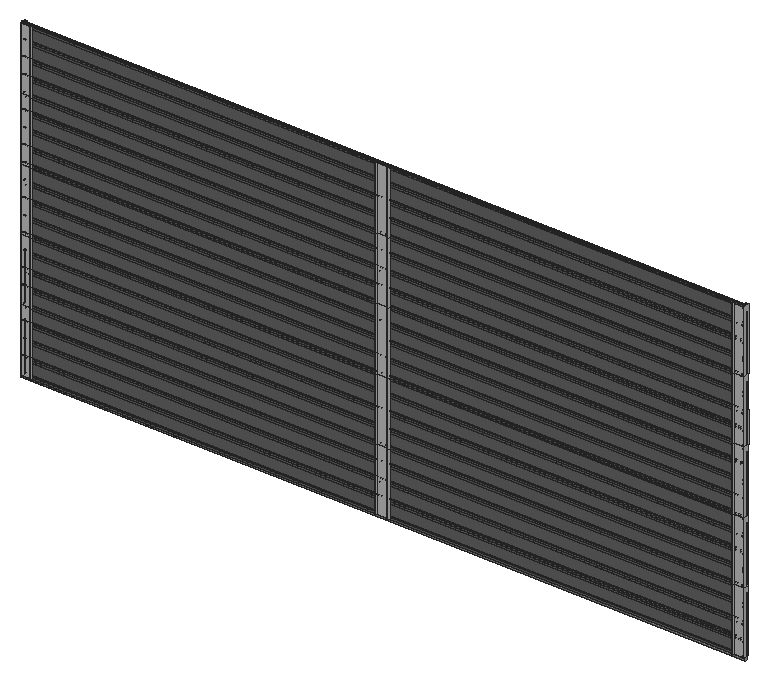
Revit family "GAFD 20H BL", category Doors, host Wall, Revit 2024
Family settings
  Host = Wall
  OmniClass Number = 23.30.10.00
  OmniClass Title = Doors
  Always vertical = Yes
  Cut with Voids When Loaded = No
  Shared = No
  Room Calculation Point = No
Parameters
  Wall Opening [instance] = 4880 mm
  Function = Interior
  Frame Projection Ext. = 25 mm
  Frame Projection Int. = 25 mm
  Frame Width = 75 mm
  Height = 2135 mm
  Wall Closure = By host
  Width = 4880 mm
Reference planes
  plane 1: y = 0
  plane 2 "Center (Left/Right)": x = 0
  plane 3: z = 2135
  plane 4 "Exterior": y = 75
  plane 5 "Interior": y = -75
  plane 6 "Garage Bottom": y = 75
  plane 7 "Garage Left": x = 2470
  plane 8 "Garage Right": x = -2470
  plane 9 "Garage Top": z = 2170
  plane 10: z = 19.954
Forms (mm)
  Extrusion 1, solid, material "STEEL BACK & SIDE PLATES"
    sketch origin (2744.172, 256, 612.954) x (1, 0, 0) y (0, 1, 0)
      loop
        line (-5205.472, -373.2) -> (-5212.972, -373.2) -> (-5212.972, -372) -> (-5211.972, -372)
        arc (-5211.972, -372) -> (-5211.472, -371.5) -> (-5211.972, -371) r 0.5
        line (-5211.972, -371) -> (-5214.172, -371) -> (-5214.172, -406) -> (-5144.955, -406) -> (-5142.812, -414) -> (-5135.811, -414) -> (-5133.363, -404.8) -> (-5134.589, -404.8) -> (-5136.732, -412.8) -> (-5141.891, -412.8) -> (-5144.034, -404.8) -> (-5212.972, -404.8) -> (-5212.972, -374.4) -> (-5200.945, -374.4)
        arc (-5200.945, -374.4) -> (-5200.21, -374.891) -> (-5199.372, -374.607) r 1
        line (-5199.372, -374.607) -> (-5198.819, -374.054)
        arc (-5198.819, -374.054) -> (-5198.71, -373.509) -> (-5199.172, -373.2) r 0.5
        line (-5199.172, -373.2) -> (-5204.272, -373.2) -> (-5204.272, -371) -> (-5206.472, -371)
        arc (-5206.472, -371) -> (-5206.972, -371.5) -> (-5206.472, -372) r 0.5
        line (-5206.472, -372) -> (-5205.472, -372) -> (-5205.472, -373.2)
      loop
        line (-2791.977, -404.804) -> (-2789.506, -414.002) -> (-2782.523, -414.002) -> (-2780.383, -405.996) -> (-2707.961, -405.996) -> (-2705.821, -414.002) -> (-2698.839, -414.002) -> (-2696.367, -404.804) -> (-2697.626, -404.804) -> (-2699.758, -412.802) -> (-2704.9, -412.802) -> (-2707.039, -404.797) -> (-2781.305, -404.797) -> (-2783.444, -412.802) -> (-2788.586, -412.802) -> (-2790.718, -404.804) -> (-2791.977, -404.804)
      loop
        line (-282.872, -373.2) -> (-282.872, -372) -> (-281.872, -372)
        arc (-281.872, -372) -> (-281.372, -371.5) -> (-281.872, -371) r 0.5
        line (-281.872, -371) -> (-284.072, -371) -> (-284.072, -373.2) -> (-289.172, -373.2)
        arc (-289.172, -373.2) -> (-289.634, -373.509) -> (-289.526, -374.054) r 0.5
        line (-289.526, -374.054) -> (-288.972, -374.607)
        arc (-288.972, -374.607) -> (-288.135, -374.891) -> (-287.399, -374.4) r 1
        line (-287.399, -374.4) -> (-275.372, -374.4) -> (-275.372, -404.8) -> (-344.31, -404.8) -> (-346.454, -412.8) -> (-351.612, -412.8) -> (-353.756, -404.8) -> (-354.982, -404.8) -> (-352.533, -414) -> (-345.533, -414) -> (-343.389, -406) -> (-274.172, -406) -> (-274.172, -371) -> (-276.372, -371)
        arc (-276.372, -371) -> (-276.872, -371.5) -> (-276.372, -372) r 0.5
        line (-276.372, -372) -> (-275.372, -372) -> (-275.372, -373.2) -> (-282.872, -373.2)
    from 267.046 to 697.046
  Extrusion 2, solid, material "STEEL BACK & SIDE PLATES"
    sketch origin (2744.172, 256, 182.954) x (1, 0, 0) y (0, 1, 0)
      loop
        line (-5205.472, -373.2) -> (-5212.972, -373.2) -> (-5212.972, -372) -> (-5211.972, -372)
        arc (-5211.972, -372) -> (-5211.472, -371.5) -> (-5211.972, -371) r 0.5
        line (-5211.972, -371) -> (-5214.172, -371) -> (-5214.172, -406) -> (-5144.955, -406) -> (-5142.812, -414) -> (-5135.811, -414) -> (-5133.363, -404.8) -> (-5134.589, -404.8) -> (-5136.732, -412.8) -> (-5141.891, -412.8) -> (-5144.034, -404.8) -> (-5212.972, -404.8) -> (-5212.972, -374.4) -> (-5200.945, -374.4)
        arc (-5200.945, -374.4) -> (-5200.21, -374.891) -> (-5199.372, -374.607) r 1
        line (-5199.372, -374.607) -> (-5198.819, -374.054)
        arc (-5198.819, -374.054) -> (-5198.71, -373.509) -> (-5199.172, -373.2) r 0.5
        line (-5199.172, -373.2) -> (-5204.272, -373.2) -> (-5204.272, -371) -> (-5206.472, -371)
        arc (-5206.472, -371) -> (-5206.972, -371.5) -> (-5206.472, -372) r 0.5
        line (-5206.472, -372) -> (-5205.472, -372) -> (-5205.472, -373.2)
      loop
        line (-2791.977, -404.804) -> (-2789.506, -414.002) -> (-2782.523, -414.002) -> (-2780.383, -405.996) -> (-2707.961, -405.996) -> (-2705.821, -414.002) -> (-2698.839, -414.002) -> (-2696.367, -404.804) -> (-2697.626, -404.804) -> (-2699.758, -412.802) -> (-2704.9, -412.802) -> (-2707.039, -404.797) -> (-2781.305, -404.797) -> (-2783.444, -412.802) -> (-2788.586, -412.802) -> (-2790.718, -404.804) -> (-2791.977, -404.804)
      loop
        line (-282.872, -373.2) -> (-282.872, -372) -> (-281.872, -372)
        arc (-281.872, -372) -> (-281.372, -371.5) -> (-281.872, -371) r 0.5
        line (-281.872, -371) -> (-284.072, -371) -> (-284.072, -373.2) -> (-289.172, -373.2)
        arc (-289.172, -373.2) -> (-289.634, -373.509) -> (-289.526, -374.054) r 0.5
        line (-289.526, -374.054) -> (-288.972, -374.607)
        arc (-288.972, -374.607) -> (-288.135, -374.891) -> (-287.399, -374.4) r 1
        line (-287.399, -374.4) -> (-275.372, -374.4) -> (-275.372, -404.8) -> (-344.31, -404.8) -> (-346.454, -412.8) -> (-351.612, -412.8) -> (-353.756, -404.8) -> (-354.982, -404.8) -> (-352.533, -414) -> (-345.533, -414) -> (-343.389, -406) -> (-274.172, -406) -> (-274.172, -371) -> (-276.372, -371)
        arc (-276.372, -371) -> (-276.872, -371.5) -> (-276.372, -372) r 0.5
        line (-276.372, -372) -> (-275.372, -372) -> (-275.372, -373.2) -> (-282.872, -373.2)
    from 267.046 to 697.046
  Extrusion 3, solid, material "STEEL BACK & SIDE PLATES"
    sketch origin (2744.172, 256, -247.046) x (1, 0, 0) y (0, 1, 0)
      loop
        line (-5205.472, -373.2) -> (-5212.972, -373.2) -> (-5212.972, -372) -> (-5211.972, -372)
        arc (-5211.972, -372) -> (-5211.472, -371.5) -> (-5211.972, -371) r 0.5
        line (-5211.972, -371) -> (-5214.172, -371) -> (-5214.172, -406) -> (-5144.955, -406) -> (-5142.812, -414) -> (-5135.811, -414) -> (-5133.363, -404.8) -> (-5134.589, -404.8) -> (-5136.732, -412.8) -> (-5141.891, -412.8) -> (-5144.034, -404.8) -> (-5212.972, -404.8) -> (-5212.972, -374.4) -> (-5200.945, -374.4)
        arc (-5200.945, -374.4) -> (-5200.21, -374.891) -> (-5199.372, -374.607) r 1
        line (-5199.372, -374.607) -> (-5198.819, -374.054)
        arc (-5198.819, -374.054) -> (-5198.71, -373.509) -> (-5199.172, -373.2) r 0.5
        line (-5199.172, -373.2) -> (-5204.272, -373.2) -> (-5204.272, -371) -> (-5206.472, -371)
        arc (-5206.472, -371) -> (-5206.972, -371.5) -> (-5206.472, -372) r 0.5
        line (-5206.472, -372) -> (-5205.472, -372) -> (-5205.472, -373.2)
      loop
        line (-2791.977, -404.804) -> (-2789.506, -414.002) -> (-2782.523, -414.002) -> (-2780.383, -405.996) -> (-2707.961, -405.996) -> (-2705.821, -414.002) -> (-2698.839, -414.002) -> (-2696.367, -404.804) -> (-2697.626, -404.804) -> (-2699.758, -412.802) -> (-2704.9, -412.802) -> (-2707.039, -404.797) -> (-2781.305, -404.797) -> (-2783.444, -412.802) -> (-2788.586, -412.802) -> (-2790.718, -404.804) -> (-2791.977, -404.804)
      loop
        line (-282.872, -373.2) -> (-282.872, -372) -> (-281.872, -372)
        arc (-281.872, -372) -> (-281.372, -371.5) -> (-281.872, -371) r 0.5
        line (-281.872, -371) -> (-284.072, -371) -> (-284.072, -373.2) -> (-289.172, -373.2)
        arc (-289.172, -373.2) -> (-289.634, -373.509) -> (-289.526, -374.054) r 0.5
        line (-289.526, -374.054) -> (-288.972, -374.607)
        arc (-288.972, -374.607) -> (-288.135, -374.891) -> (-287.399, -374.4) r 1
        line (-287.399, -374.4) -> (-275.372, -374.4) -> (-275.372, -404.8) -> (-344.31, -404.8) -> (-346.454, -412.8) -> (-351.612, -412.8) -> (-353.756, -404.8) -> (-354.982, -404.8) -> (-352.533, -414) -> (-345.533, -414) -> (-343.389, -406) -> (-274.172, -406) -> (-274.172, -371) -> (-276.372, -371)
        arc (-276.372, -371) -> (-276.872, -371.5) -> (-276.372, -372) r 0.5
        line (-276.372, -372) -> (-275.372, -372) -> (-275.372, -373.2) -> (-282.872, -373.2)
    from 267 to 697.046
  Extrusion 4, solid, material "STEEL BACK & SIDE PLATES"
    sketch origin (2744.172, 256, 1042.954) x (1, 0, 0) y (0, 1, 0)
      loop
        line (-5205.472, -373.2) -> (-5212.972, -373.2) -> (-5212.972, -372) -> (-5211.972, -372)
        arc (-5211.972, -372) -> (-5211.472, -371.5) -> (-5211.972, -371) r 0.5
        line (-5211.972, -371) -> (-5214.172, -371) -> (-5214.172, -406) -> (-5144.955, -406) -> (-5142.812, -414) -> (-5135.811, -414) -> (-5133.363, -404.8) -> (-5134.589, -404.8) -> (-5136.732, -412.8) -> (-5141.891, -412.8) -> (-5144.034, -404.8) -> (-5212.972, -404.8) -> (-5212.972, -374.4) -> (-5200.945, -374.4)
        arc (-5200.945, -374.4) -> (-5200.21, -374.891) -> (-5199.372, -374.607) r 1
        line (-5199.372, -374.607) -> (-5198.819, -374.054)
        arc (-5198.819, -374.054) -> (-5198.71, -373.509) -> (-5199.172, -373.2) r 0.5
        line (-5199.172, -373.2) -> (-5204.272, -373.2) -> (-5204.272, -371) -> (-5206.472, -371)
        arc (-5206.472, -371) -> (-5206.972, -371.5) -> (-5206.472, -372) r 0.5
        line (-5206.472, -372) -> (-5205.472, -372) -> (-5205.472, -373.2)
      loop
        line (-2791.977, -404.804) -> (-2789.506, -414.002) -> (-2782.523, -414.002) -> (-2780.383, -405.996) -> (-2707.961, -405.996) -> (-2705.821, -414.002) -> (-2698.839, -414.002) -> (-2696.367, -404.804) -> (-2697.626, -404.804) -> (-2699.758, -412.802) -> (-2704.9, -412.802) -> (-2707.039, -404.797) -> (-2781.305, -404.797) -> (-2783.444, -412.802) -> (-2788.586, -412.802) -> (-2790.718, -404.804) -> (-2791.977, -404.804)
      loop
        line (-282.872, -373.2) -> (-282.872, -372) -> (-281.872, -372)
        arc (-281.872, -372) -> (-281.372, -371.5) -> (-281.872, -371) r 0.5
        line (-281.872, -371) -> (-284.072, -371) -> (-284.072, -373.2) -> (-289.172, -373.2)
        arc (-289.172, -373.2) -> (-289.634, -373.509) -> (-289.526, -374.054) r 0.5
        line (-289.526, -374.054) -> (-288.972, -374.607)
        arc (-288.972, -374.607) -> (-288.135, -374.891) -> (-287.399, -374.4) r 1
        line (-287.399, -374.4) -> (-275.372, -374.4) -> (-275.372, -404.8) -> (-344.31, -404.8) -> (-346.454, -412.8) -> (-351.612, -412.8) -> (-353.756, -404.8) -> (-354.982, -404.8) -> (-352.533, -414) -> (-345.533, -414) -> (-343.389, -406) -> (-274.172, -406) -> (-274.172, -371) -> (-276.372, -371)
        arc (-276.372, -371) -> (-276.872, -371.5) -> (-276.372, -372) r 0.5
        line (-276.372, -372) -> (-275.372, -372) -> (-275.372, -373.2) -> (-282.872, -373.2)
    from 267.046 to 697.046
  Extrusion 5, solid, material "STEEL BACK & SIDE PLATES"
    sketch origin (2744.172, 256, 1472.954) x (1, 0, 0) y (0, 1, 0)
      loop
        line (-5205.472, -373.2) -> (-5212.972, -373.2) -> (-5212.972, -372) -> (-5211.972, -372)
        arc (-5211.972, -372) -> (-5211.472, -371.5) -> (-5211.972, -371) r 0.5
        line (-5211.972, -371) -> (-5214.172, -371) -> (-5214.172, -406) -> (-5144.955, -406) -> (-5142.812, -414) -> (-5135.811, -414) -> (-5133.363, -404.8) -> (-5134.589, -404.8) -> (-5136.732, -412.8) -> (-5141.891, -412.8) -> (-5144.034, -404.8) -> (-5212.972, -404.8) -> (-5212.972, -374.4) -> (-5200.945, -374.4)
        arc (-5200.945, -374.4) -> (-5200.21, -374.891) -> (-5199.372, -374.607) r 1
        line (-5199.372, -374.607) -> (-5198.819, -374.054)
        arc (-5198.819, -374.054) -> (-5198.71, -373.509) -> (-5199.172, -373.2) r 0.5
        line (-5199.172, -373.2) -> (-5204.272, -373.2) -> (-5204.272, -371) -> (-5206.472, -371)
        arc (-5206.472, -371) -> (-5206.972, -371.5) -> (-5206.472, -372) r 0.5
        line (-5206.472, -372) -> (-5205.472, -372) -> (-5205.472, -373.2)
      loop
        line (-2791.977, -404.804) -> (-2789.506, -414.002) -> (-2782.523, -414.002) -> (-2780.383, -405.996) -> (-2707.961, -405.996) -> (-2705.821, -414.002) -> (-2698.839, -414.002) -> (-2696.367, -404.804) -> (-2697.626, -404.804) -> (-2699.758, -412.802) -> (-2704.9, -412.802) -> (-2707.039, -404.797) -> (-2781.305, -404.797) -> (-2783.444, -412.802) -> (-2788.586, -412.802) -> (-2790.718, -404.804) -> (-2791.977, -404.804)
      loop
        line (-282.872, -373.2) -> (-282.872, -372) -> (-281.872, -372)
        arc (-281.872, -372) -> (-281.372, -371.5) -> (-281.872, -371) r 0.5
        line (-281.872, -371) -> (-284.072, -371) -> (-284.072, -373.2) -> (-289.172, -373.2)
        arc (-289.172, -373.2) -> (-289.634, -373.509) -> (-289.526, -374.054) r 0.5
        line (-289.526, -374.054) -> (-288.972, -374.607)
        arc (-288.972, -374.607) -> (-288.135, -374.891) -> (-287.399, -374.4) r 1
        line (-287.399, -374.4) -> (-275.372, -374.4) -> (-275.372, -404.8) -> (-344.31, -404.8) -> (-346.454, -412.8) -> (-351.612, -412.8) -> (-353.756, -404.8) -> (-354.982, -404.8) -> (-352.533, -414) -> (-345.533, -414) -> (-343.389, -406) -> (-274.172, -406) -> (-274.172, -371) -> (-276.372, -371)
        arc (-276.372, -371) -> (-276.872, -371.5) -> (-276.372, -372) r 0.5
        line (-276.372, -372) -> (-275.372, -372) -> (-275.372, -373.2) -> (-282.872, -373.2)
    from 267.046 to 697.046
  Extrusion 6, solid, material "ALUMINIUM BLACK (TEST)"
    sketch origin (0, -44, 2189.863) x (0, -1, 0) y (0, 0, -1)
      loop
        line (82.14, 2169.909) -> (74.797, 2169.909) -> (74.797, 2070.864) -> (78.797, 2069.409) -> (78.797, 2062.409) -> (83.136, 2062.409)
        arc (83.136, 2062.409) -> (83.518, 2062.332) -> (83.843, 2062.116) r 1
        line (83.843, 2062.116) -> (86.55, 2059.409) -> (88.077, 2059.409)
        arc (88.077, 2059.409) -> (88.477, 2059.809) -> (88.077, 2060.209) r 0.4
        line (88.077, 2060.209) -> (87.047, 2060.209) -> (87.047, 2061.409) -> (92.547, 2061.409) -> (92.547, 2060.209) -> (91.517, 2060.209)
        arc (91.517, 2060.209) -> (91.117, 2059.809) -> (91.517, 2059.409) r 0.4
        line (91.517, 2059.409) -> (93.044, 2059.409) -> (95.751, 2062.116)
        arc (95.751, 2062.116) -> (96.077, 2062.333) -> (96.461, 2062.409) r 1
        line (96.461, 2062.409) -> (104.797, 2062.409) -> (104.797, 2074.409) -> (101.397, 2074.409)
        arc (101.397, 2074.409) -> (100.697, 2073.709) -> (101.397, 2073.009) r 0.7
        line (101.397, 2073.009) -> (103.397, 2073.009) -> (103.397, 2063.809) -> (95.464, 2063.809) -> (94.464, 2062.809) -> (85.13, 2062.809) -> (84.13, 2063.809) -> (80.197, 2063.809) -> (80.197, 2070.389) -> (76.197, 2071.845) -> (76.197, 2168.509) -> (81.56, 2168.509) -> (87.06, 2163.009) -> (92.534, 2163.009) -> (98.034, 2168.509) -> (103.397, 2168.509) -> (103.397, 2159.309) -> (101.397, 2159.309)
        arc (101.397, 2159.309) -> (100.697, 2158.609) -> (101.397, 2157.909) r 0.7
        line (101.397, 2157.909) -> (104.797, 2157.909) -> (104.797, 2169.909) -> (97.454, 2169.909) -> (91.954, 2164.409) -> (87.64, 2164.409) -> (82.14, 2169.909)
    from -2468.8 to 2468.8
  Extrusion 7, solid, material "Rubber, Natural"
    sketch origin (0, -32.797, 0.046) x (0, 1, 0) y (0, 0, 1)
      loop
        line (-111, 19.909) -> (-111, 16.909) -> (-106, 16.909) -> (-106, 14.004)
        spline (-106, 14.004) -> (-109.192, 11.809) -> (-110.848, 8.808) -> (-110.659, 5.562) -> (-108.66, 2.681) -> (-105.226, 0.703) -> (-101, 0) -> (-96.774, 0.703) -> (-93.34, 2.681) -> (-91.341, 5.562) -> (-91.152, 8.808) -> (-92.808, 11.809) -> (-96, 14.004)
        line (-96, 14.004) -> (-96, 16.909) -> (-91, 16.909) -> (-91, 19.909) -> (-111, 19.909)
      loop
        line (-98, 16.909) -> (-104, 16.909) -> (-104, 14.633)
        arc (-104, 14.633) -> (-101, 15.009) -> (-98, 14.633) r 12.129
        line (-98, 14.633) -> (-98, 16.909)
      loop
        spline (-101, 1.513) -> (-98.929, 1.717) -> (-97, 2.316) -> (-95.343, 3.268) -> (-94.072, 4.509) -> (-93.273, 5.954) -> (-93, 7.505) -> (-93.273, 9.055) -> (-94.072, 10.501) -> (-95.343, 11.742) -> (-97, 12.694) -> (-98.929, 13.292) -> (-101, 13.496)
        spline (-101, 13.496) -> (-103.071, 13.292) -> (-105, 12.694) -> (-106.657, 11.742) -> (-107.928, 10.501) -> (-108.727, 9.055) -> (-109, 7.505) -> (-108.727, 5.954) -> (-107.928, 4.509) -> (-106.657, 3.268) -> (-105, 2.316) -> (-103.071, 1.717) -> (-101, 1.513)
    from -2470 to 2470
  Extrusion 8, solid, material "ALUMINIUM BLACK (TEST)"
    sketch origin (0, -44, 2297.363) x (0, -1, 0) y (0, 0, -1)
      loop
        line (82.14, 2169.909) -> (74.797, 2169.909) -> (74.797, 2070.864) -> (78.797, 2069.409) -> (78.797, 2062.409) -> (83.136, 2062.409)
        arc (83.136, 2062.409) -> (83.518, 2062.332) -> (83.843, 2062.116) r 1
        line (83.843, 2062.116) -> (86.55, 2059.409) -> (88.077, 2059.409)
        arc (88.077, 2059.409) -> (88.477, 2059.809) -> (88.077, 2060.209) r 0.4
        line (88.077, 2060.209) -> (87.047, 2060.209) -> (87.047, 2061.409) -> (92.547, 2061.409) -> (92.547, 2060.209) -> (91.517, 2060.209)
        arc (91.517, 2060.209) -> (91.117, 2059.809) -> (91.517, 2059.409) r 0.4
        line (91.517, 2059.409) -> (93.044, 2059.409) -> (95.751, 2062.116)
        arc (95.751, 2062.116) -> (96.077, 2062.333) -> (96.461, 2062.409) r 1
        line (96.461, 2062.409) -> (104.797, 2062.409) -> (104.797, 2074.409) -> (101.397, 2074.409)
        arc (101.397, 2074.409) -> (100.697, 2073.709) -> (101.397, 2073.009) r 0.7
        line (101.397, 2073.009) -> (103.397, 2073.009) -> (103.397, 2063.809) -> (95.464, 2063.809) -> (94.464, 2062.809) -> (85.13, 2062.809) -> (84.13, 2063.809) -> (80.197, 2063.809) -> (80.197, 2070.389) -> (76.197, 2071.845) -> (76.197, 2168.509) -> (81.56, 2168.509) -> (87.06, 2163.009) -> (92.534, 2163.009) -> (98.034, 2168.509) -> (103.397, 2168.509) -> (103.397, 2159.309) -> (101.397, 2159.309)
        arc (101.397, 2159.309) -> (100.697, 2158.609) -> (101.397, 2157.909) r 0.7
        line (101.397, 2157.909) -> (104.797, 2157.909) -> (104.797, 2169.909) -> (97.454, 2169.909) -> (91.954, 2164.409) -> (87.64, 2164.409) -> (82.14, 2169.909)
    from -2468.8 to 2468.8
  Extrusion 9, solid, material "ALUMINIUM BLACK (TEST)"
    sketch origin (0, -44, 2404.863) x (0, -1, 0) y (0, 0, -1)
      loop
        line (82.14, 2169.909) -> (74.797, 2169.909) -> (74.797, 2070.864) -> (78.797, 2069.409) -> (78.797, 2062.409) -> (83.136, 2062.409)
        arc (83.136, 2062.409) -> (83.518, 2062.332) -> (83.843, 2062.116) r 1
        line (83.843, 2062.116) -> (86.55, 2059.409) -> (88.077, 2059.409)
        arc (88.077, 2059.409) -> (88.477, 2059.809) -> (88.077, 2060.209) r 0.4
        line (88.077, 2060.209) -> (87.047, 2060.209) -> (87.047, 2061.409) -> (92.547, 2061.409) -> (92.547, 2060.209) -> (91.517, 2060.209)
        arc (91.517, 2060.209) -> (91.117, 2059.809) -> (91.517, 2059.409) r 0.4
        line (91.517, 2059.409) -> (93.044, 2059.409) -> (95.751, 2062.116)
        arc (95.751, 2062.116) -> (96.077, 2062.333) -> (96.461, 2062.409) r 1
        line (96.461, 2062.409) -> (104.797, 2062.409) -> (104.797, 2074.409) -> (101.397, 2074.409)
        arc (101.397, 2074.409) -> (100.697, 2073.709) -> (101.397, 2073.009) r 0.7
        line (101.397, 2073.009) -> (103.397, 2073.009) -> (103.397, 2063.809) -> (95.464, 2063.809) -> (94.464, 2062.809) -> (85.13, 2062.809) -> (84.13, 2063.809) -> (80.197, 2063.809) -> (80.197, 2070.389) -> (76.197, 2071.845) -> (76.197, 2168.509) -> (81.56, 2168.509) -> (87.06, 2163.009) -> (92.534, 2163.009) -> (98.034, 2168.509) -> (103.397, 2168.509) -> (103.397, 2159.309) -> (101.397, 2159.309)
        arc (101.397, 2159.309) -> (100.697, 2158.609) -> (101.397, 2157.909) r 0.7
        line (101.397, 2157.909) -> (104.797, 2157.909) -> (104.797, 2169.909) -> (97.454, 2169.909) -> (91.954, 2164.409) -> (87.64, 2164.409) -> (82.14, 2169.909)
    from -2468.8 to 2468.8
  Extrusion 10, solid, material "ALUMINIUM BLACK (TEST)"
    sketch origin (0, -44, 2512.363) x (0, -1, 0) y (0, 0, -1)
      loop
        line (82.14, 2169.909) -> (74.797, 2169.909) -> (74.797, 2070.864) -> (78.797, 2069.409) -> (78.797, 2062.409) -> (83.136, 2062.409)
        arc (83.136, 2062.409) -> (83.518, 2062.332) -> (83.843, 2062.116) r 1
        line (83.843, 2062.116) -> (86.55, 2059.409) -> (88.077, 2059.409)
        arc (88.077, 2059.409) -> (88.477, 2059.809) -> (88.077, 2060.209) r 0.4
        line (88.077, 2060.209) -> (87.047, 2060.209) -> (87.047, 2061.409) -> (92.547, 2061.409) -> (92.547, 2060.209) -> (91.517, 2060.209)
        arc (91.517, 2060.209) -> (91.117, 2059.809) -> (91.517, 2059.409) r 0.4
        line (91.517, 2059.409) -> (93.044, 2059.409) -> (95.751, 2062.116)
        arc (95.751, 2062.116) -> (96.077, 2062.333) -> (96.461, 2062.409) r 1
        line (96.461, 2062.409) -> (104.797, 2062.409) -> (104.797, 2074.409) -> (101.397, 2074.409)
        arc (101.397, 2074.409) -> (100.697, 2073.709) -> (101.397, 2073.009) r 0.7
        line (101.397, 2073.009) -> (103.397, 2073.009) -> (103.397, 2063.809) -> (95.464, 2063.809) -> (94.464, 2062.809) -> (85.13, 2062.809) -> (84.13, 2063.809) -> (80.197, 2063.809) -> (80.197, 2070.389) -> (76.197, 2071.845) -> (76.197, 2168.509) -> (81.56, 2168.509) -> (87.06, 2163.009) -> (92.534, 2163.009) -> (98.034, 2168.509) -> (103.397, 2168.509) -> (103.397, 2159.309) -> (101.397, 2159.309)
        arc (101.397, 2159.309) -> (100.697, 2158.609) -> (101.397, 2157.909) r 0.7
        line (101.397, 2157.909) -> (104.797, 2157.909) -> (104.797, 2169.909) -> (97.454, 2169.909) -> (91.954, 2164.409) -> (87.64, 2164.409) -> (82.14, 2169.909)
    from -2468.8 to 2468.8
  Extrusion 11, solid, material "ALUMINIUM BLACK (TEST)"
    sketch origin (0, -44, 2619.909) x (0, -1, 0) y (0, 0, -1)
      loop
        line (82.14, 2169.909) -> (74.797, 2169.909) -> (74.797, 2070.864) -> (78.797, 2069.409) -> (78.797, 2062.409) -> (83.136, 2062.409)
        arc (83.136, 2062.409) -> (83.518, 2062.332) -> (83.843, 2062.116) r 1
        line (83.843, 2062.116) -> (86.55, 2059.409) -> (88.077, 2059.409)
        arc (88.077, 2059.409) -> (88.477, 2059.809) -> (88.077, 2060.209) r 0.4
        line (88.077, 2060.209) -> (87.047, 2060.209) -> (87.047, 2061.409) -> (92.547, 2061.409) -> (92.547, 2060.209) -> (91.517, 2060.209)
        arc (91.517, 2060.209) -> (91.117, 2059.809) -> (91.517, 2059.409) r 0.4
        line (91.517, 2059.409) -> (93.044, 2059.409) -> (95.751, 2062.116)
        arc (95.751, 2062.116) -> (96.077, 2062.333) -> (96.461, 2062.409) r 1
        line (96.461, 2062.409) -> (104.797, 2062.409) -> (104.797, 2074.409) -> (101.397, 2074.409)
        arc (101.397, 2074.409) -> (100.697, 2073.709) -> (101.397, 2073.009) r 0.7
        line (101.397, 2073.009) -> (103.397, 2073.009) -> (103.397, 2063.809) -> (95.464, 2063.809) -> (94.464, 2062.809) -> (85.13, 2062.809) -> (84.13, 2063.809) -> (80.197, 2063.809) -> (80.197, 2070.389) -> (76.197, 2071.845) -> (76.197, 2168.509) -> (81.56, 2168.509) -> (87.06, 2163.009) -> (92.534, 2163.009) -> (98.034, 2168.509) -> (103.397, 2168.509) -> (103.397, 2159.309) -> (101.397, 2159.309)
        arc (101.397, 2159.309) -> (100.697, 2158.609) -> (101.397, 2157.909) r 0.7
        line (101.397, 2157.909) -> (104.797, 2157.909) -> (104.797, 2169.909) -> (97.454, 2169.909) -> (91.954, 2164.409) -> (87.64, 2164.409) -> (82.14, 2169.909)
    from -2468.8 to 2468.8
  Extrusion 12, solid, material "ALUMINIUM BLACK (TEST)"
    sketch origin (0, -44, 2727.409) x (0, -1, 0) y (0, 0, -1)
      loop
        line (82.14, 2169.909) -> (74.797, 2169.909) -> (74.797, 2070.864) -> (78.797, 2069.409) -> (78.797, 2062.409) -> (83.136, 2062.409)
        arc (83.136, 2062.409) -> (83.518, 2062.332) -> (83.843, 2062.116) r 1
        line (83.843, 2062.116) -> (86.55, 2059.409) -> (88.077, 2059.409)
        arc (88.077, 2059.409) -> (88.477, 2059.809) -> (88.077, 2060.209) r 0.4
        line (88.077, 2060.209) -> (87.047, 2060.209) -> (87.047, 2061.409) -> (92.547, 2061.409) -> (92.547, 2060.209) -> (91.517, 2060.209)
        arc (91.517, 2060.209) -> (91.117, 2059.809) -> (91.517, 2059.409) r 0.4
        line (91.517, 2059.409) -> (93.044, 2059.409) -> (95.751, 2062.116)
        arc (95.751, 2062.116) -> (96.077, 2062.333) -> (96.461, 2062.409) r 1
        line (96.461, 2062.409) -> (104.797, 2062.409) -> (104.797, 2074.409) -> (101.397, 2074.409)
        arc (101.397, 2074.409) -> (100.697, 2073.709) -> (101.397, 2073.009) r 0.7
        line (101.397, 2073.009) -> (103.397, 2073.009) -> (103.397, 2063.809) -> (95.464, 2063.809) -> (94.464, 2062.809) -> (85.13, 2062.809) -> (84.13, 2063.809) -> (80.197, 2063.809) -> (80.197, 2070.389) -> (76.197, 2071.845) -> (76.197, 2168.509) -> (81.56, 2168.509) -> (87.06, 2163.009) -> (92.534, 2163.009) -> (98.034, 2168.509) -> (103.397, 2168.509) -> (103.397, 2159.309) -> (101.397, 2159.309)
        arc (101.397, 2159.309) -> (100.697, 2158.609) -> (101.397, 2157.909) r 0.7
        line (101.397, 2157.909) -> (104.797, 2157.909) -> (104.797, 2169.909) -> (97.454, 2169.909) -> (91.954, 2164.409) -> (87.64, 2164.409) -> (82.14, 2169.909)
    from -2468.8 to 2468.8
  Extrusion 13, solid, material "ALUMINIUM BLACK (TEST)"
    sketch origin (0, -44, 2834.909) x (0, -1, 0) y (0, 0, -1)
      loop
        line (82.14, 2169.909) -> (74.797, 2169.909) -> (74.797, 2070.864) -> (78.797, 2069.409) -> (78.797, 2062.409) -> (83.136, 2062.409)
        arc (83.136, 2062.409) -> (83.518, 2062.332) -> (83.843, 2062.116) r 1
        line (83.843, 2062.116) -> (86.55, 2059.409) -> (88.077, 2059.409)
        arc (88.077, 2059.409) -> (88.477, 2059.809) -> (88.077, 2060.209) r 0.4
        line (88.077, 2060.209) -> (87.047, 2060.209) -> (87.047, 2061.409) -> (92.547, 2061.409) -> (92.547, 2060.209) -> (91.517, 2060.209)
        arc (91.517, 2060.209) -> (91.117, 2059.809) -> (91.517, 2059.409) r 0.4
        line (91.517, 2059.409) -> (93.044, 2059.409) -> (95.751, 2062.116)
        arc (95.751, 2062.116) -> (96.077, 2062.333) -> (96.461, 2062.409) r 1
        line (96.461, 2062.409) -> (104.797, 2062.409) -> (104.797, 2074.409) -> (101.397, 2074.409)
        arc (101.397, 2074.409) -> (100.697, 2073.709) -> (101.397, 2073.009) r 0.7
        line (101.397, 2073.009) -> (103.397, 2073.009) -> (103.397, 2063.809) -> (95.464, 2063.809) -> (94.464, 2062.809) -> (85.13, 2062.809) -> (84.13, 2063.809) -> (80.197, 2063.809) -> (80.197, 2070.389) -> (76.197, 2071.845) -> (76.197, 2168.509) -> (81.56, 2168.509) -> (87.06, 2163.009) -> (92.534, 2163.009) -> (98.034, 2168.509) -> (103.397, 2168.509) -> (103.397, 2159.309) -> (101.397, 2159.309)
        arc (101.397, 2159.309) -> (100.697, 2158.609) -> (101.397, 2157.909) r 0.7
        line (101.397, 2157.909) -> (104.797, 2157.909) -> (104.797, 2169.909) -> (97.454, 2169.909) -> (91.954, 2164.409) -> (87.64, 2164.409) -> (82.14, 2169.909)
    from -2468.8 to 2468.8
  Extrusion 14, solid, material "ALUMINIUM BLACK (TEST)"
    sketch origin (0, -44, 2942.409) x (0, -1, 0) y (0, 0, -1)
      loop
        line (82.14, 2169.909) -> (74.797, 2169.909) -> (74.797, 2070.864) -> (78.797, 2069.409) -> (78.797, 2062.409) -> (83.136, 2062.409)
        arc (83.136, 2062.409) -> (83.518, 2062.332) -> (83.843, 2062.116) r 1
        line (83.843, 2062.116) -> (86.55, 2059.409) -> (88.077, 2059.409)
        arc (88.077, 2059.409) -> (88.477, 2059.809) -> (88.077, 2060.209) r 0.4
        line (88.077, 2060.209) -> (87.047, 2060.209) -> (87.047, 2061.409) -> (92.547, 2061.409) -> (92.547, 2060.209) -> (91.517, 2060.209)
        arc (91.517, 2060.209) -> (91.117, 2059.809) -> (91.517, 2059.409) r 0.4
        line (91.517, 2059.409) -> (93.044, 2059.409) -> (95.751, 2062.116)
        arc (95.751, 2062.116) -> (96.077, 2062.333) -> (96.461, 2062.409) r 1
        line (96.461, 2062.409) -> (104.797, 2062.409) -> (104.797, 2074.409) -> (101.397, 2074.409)
        arc (101.397, 2074.409) -> (100.697, 2073.709) -> (101.397, 2073.009) r 0.7
        line (101.397, 2073.009) -> (103.397, 2073.009) -> (103.397, 2063.809) -> (95.464, 2063.809) -> (94.464, 2062.809) -> (85.13, 2062.809) -> (84.13, 2063.809) -> (80.197, 2063.809) -> (80.197, 2070.389) -> (76.197, 2071.845) -> (76.197, 2168.509) -> (81.56, 2168.509) -> (87.06, 2163.009) -> (92.534, 2163.009) -> (98.034, 2168.509) -> (103.397, 2168.509) -> (103.397, 2159.309) -> (101.397, 2159.309)
        arc (101.397, 2159.309) -> (100.697, 2158.609) -> (101.397, 2157.909) r 0.7
        line (101.397, 2157.909) -> (104.797, 2157.909) -> (104.797, 2169.909) -> (97.454, 2169.909) -> (91.954, 2164.409) -> (87.64, 2164.409) -> (82.14, 2169.909)
    from -2468.8 to 2468.8
  Extrusion 15, solid, material "ALUMINIUM BLACK (TEST)"
    sketch origin (0, -44, 3049.909) x (0, -1, 0) y (0, 0, -1)
      loop
        line (82.14, 2169.909) -> (74.797, 2169.909) -> (74.797, 2070.864) -> (78.797, 2069.409) -> (78.797, 2062.409) -> (83.136, 2062.409)
        arc (83.136, 2062.409) -> (83.518, 2062.332) -> (83.843, 2062.116) r 1
        line (83.843, 2062.116) -> (86.55, 2059.409) -> (88.077, 2059.409)
        arc (88.077, 2059.409) -> (88.477, 2059.809) -> (88.077, 2060.209) r 0.4
        line (88.077, 2060.209) -> (87.047, 2060.209) -> (87.047, 2061.409) -> (92.547, 2061.409) -> (92.547, 2060.209) -> (91.517, 2060.209)
        arc (91.517, 2060.209) -> (91.117, 2059.809) -> (91.517, 2059.409) r 0.4
        line (91.517, 2059.409) -> (93.044, 2059.409) -> (95.751, 2062.116)
        arc (95.751, 2062.116) -> (96.077, 2062.333) -> (96.461, 2062.409) r 1
        line (96.461, 2062.409) -> (104.797, 2062.409) -> (104.797, 2074.409) -> (101.397, 2074.409)
        arc (101.397, 2074.409) -> (100.697, 2073.709) -> (101.397, 2073.009) r 0.7
        line (101.397, 2073.009) -> (103.397, 2073.009) -> (103.397, 2063.809) -> (95.464, 2063.809) -> (94.464, 2062.809) -> (85.13, 2062.809) -> (84.13, 2063.809) -> (80.197, 2063.809) -> (80.197, 2070.389) -> (76.197, 2071.845) -> (76.197, 2168.509) -> (81.56, 2168.509) -> (87.06, 2163.009) -> (92.534, 2163.009) -> (98.034, 2168.509) -> (103.397, 2168.509) -> (103.397, 2159.309) -> (101.397, 2159.309)
        arc (101.397, 2159.309) -> (100.697, 2158.609) -> (101.397, 2157.909) r 0.7
        line (101.397, 2157.909) -> (104.797, 2157.909) -> (104.797, 2169.909) -> (97.454, 2169.909) -> (91.954, 2164.409) -> (87.64, 2164.409) -> (82.14, 2169.909)
    from -2468.8 to 2468.8
  Extrusion 16, solid, material "ALUMINIUM BLACK (TEST)"
    sketch origin (0, -44, 3157.409) x (0, -1, 0) y (0, 0, -1)
      loop
        line (82.14, 2169.909) -> (74.797, 2169.909) -> (74.797, 2070.864) -> (78.797, 2069.409) -> (78.797, 2062.409) -> (83.136, 2062.409)
        arc (83.136, 2062.409) -> (83.518, 2062.332) -> (83.843, 2062.116) r 1
        line (83.843, 2062.116) -> (86.55, 2059.409) -> (88.077, 2059.409)
        arc (88.077, 2059.409) -> (88.477, 2059.809) -> (88.077, 2060.209) r 0.4
        line (88.077, 2060.209) -> (87.047, 2060.209) -> (87.047, 2061.409) -> (92.547, 2061.409) -> (92.547, 2060.209) -> (91.517, 2060.209)
        arc (91.517, 2060.209) -> (91.117, 2059.809) -> (91.517, 2059.409) r 0.4
        line (91.517, 2059.409) -> (93.044, 2059.409) -> (95.751, 2062.116)
        arc (95.751, 2062.116) -> (96.077, 2062.333) -> (96.461, 2062.409) r 1
        line (96.461, 2062.409) -> (104.797, 2062.409) -> (104.797, 2074.409) -> (101.397, 2074.409)
        arc (101.397, 2074.409) -> (100.697, 2073.709) -> (101.397, 2073.009) r 0.7
        line (101.397, 2073.009) -> (103.397, 2073.009) -> (103.397, 2063.809) -> (95.464, 2063.809) -> (94.464, 2062.809) -> (85.13, 2062.809) -> (84.13, 2063.809) -> (80.197, 2063.809) -> (80.197, 2070.389) -> (76.197, 2071.845) -> (76.197, 2168.509) -> (81.56, 2168.509) -> (87.06, 2163.009) -> (92.534, 2163.009) -> (98.034, 2168.509) -> (103.397, 2168.509) -> (103.397, 2159.309) -> (101.397, 2159.309)
        arc (101.397, 2159.309) -> (100.697, 2158.609) -> (101.397, 2157.909) r 0.7
        line (101.397, 2157.909) -> (104.797, 2157.909) -> (104.797, 2169.909) -> (97.454, 2169.909) -> (91.954, 2164.409) -> (87.64, 2164.409) -> (82.14, 2169.909)
    from -2468.8 to 2468.8
  Extrusion 17, solid, material "ALUMINIUM BLACK (TEST)"
    sketch origin (0, -44, 3264.909) x (0, -1, 0) y (0, 0, -1)
      loop
        line (82.14, 2169.909) -> (74.797, 2169.909) -> (74.797, 2070.864) -> (78.797, 2069.409) -> (78.797, 2062.409) -> (83.136, 2062.409)
        arc (83.136, 2062.409) -> (83.518, 2062.332) -> (83.843, 2062.116) r 1
        line (83.843, 2062.116) -> (86.55, 2059.409) -> (88.077, 2059.409)
        arc (88.077, 2059.409) -> (88.477, 2059.809) -> (88.077, 2060.209) r 0.4
        line (88.077, 2060.209) -> (87.047, 2060.209) -> (87.047, 2061.409) -> (92.547, 2061.409) -> (92.547, 2060.209) -> (91.517, 2060.209)
        arc (91.517, 2060.209) -> (91.117, 2059.809) -> (91.517, 2059.409) r 0.4
        line (91.517, 2059.409) -> (93.044, 2059.409) -> (95.751, 2062.116)
        arc (95.751, 2062.116) -> (96.077, 2062.333) -> (96.461, 2062.409) r 1
        line (96.461, 2062.409) -> (104.797, 2062.409) -> (104.797, 2074.409) -> (101.397, 2074.409)
        arc (101.397, 2074.409) -> (100.697, 2073.709) -> (101.397, 2073.009) r 0.7
        line (101.397, 2073.009) -> (103.397, 2073.009) -> (103.397, 2063.809) -> (95.464, 2063.809) -> (94.464, 2062.809) -> (85.13, 2062.809) -> (84.13, 2063.809) -> (80.197, 2063.809) -> (80.197, 2070.389) -> (76.197, 2071.845) -> (76.197, 2168.509) -> (81.56, 2168.509) -> (87.06, 2163.009) -> (92.534, 2163.009) -> (98.034, 2168.509) -> (103.397, 2168.509) -> (103.397, 2159.309) -> (101.397, 2159.309)
        arc (101.397, 2159.309) -> (100.697, 2158.609) -> (101.397, 2157.909) r 0.7
        line (101.397, 2157.909) -> (104.797, 2157.909) -> (104.797, 2169.909) -> (97.454, 2169.909) -> (91.954, 2164.409) -> (87.64, 2164.409) -> (82.14, 2169.909)
    from -2468.8 to 2468.8
  Extrusion 18, solid, material "ALUMINIUM BLACK (TEST)"
    sketch origin (0, -44, 3372.409) x (0, -1, 0) y (0, 0, -1)
      loop
        line (82.14, 2169.909) -> (74.797, 2169.909) -> (74.797, 2070.864) -> (78.797, 2069.409) -> (78.797, 2062.409) -> (83.136, 2062.409)
        arc (83.136, 2062.409) -> (83.518, 2062.332) -> (83.843, 2062.116) r 1
        line (83.843, 2062.116) -> (86.55, 2059.409) -> (88.077, 2059.409)
        arc (88.077, 2059.409) -> (88.477, 2059.809) -> (88.077, 2060.209) r 0.4
        line (88.077, 2060.209) -> (87.047, 2060.209) -> (87.047, 2061.409) -> (92.547, 2061.409) -> (92.547, 2060.209) -> (91.517, 2060.209)
        arc (91.517, 2060.209) -> (91.117, 2059.809) -> (91.517, 2059.409) r 0.4
        line (91.517, 2059.409) -> (93.044, 2059.409) -> (95.751, 2062.116)
        arc (95.751, 2062.116) -> (96.077, 2062.333) -> (96.461, 2062.409) r 1
        line (96.461, 2062.409) -> (104.797, 2062.409) -> (104.797, 2074.409) -> (101.397, 2074.409)
        arc (101.397, 2074.409) -> (100.697, 2073.709) -> (101.397, 2073.009) r 0.7
        line (101.397, 2073.009) -> (103.397, 2073.009) -> (103.397, 2063.809) -> (95.464, 2063.809) -> (94.464, 2062.809) -> (85.13, 2062.809) -> (84.13, 2063.809) -> (80.197, 2063.809) -> (80.197, 2070.389) -> (76.197, 2071.845) -> (76.197, 2168.509) -> (81.56, 2168.509) -> (87.06, 2163.009) -> (92.534, 2163.009) -> (98.034, 2168.509) -> (103.397, 2168.509) -> (103.397, 2159.309) -> (101.397, 2159.309)
        arc (101.397, 2159.309) -> (100.697, 2158.609) -> (101.397, 2157.909) r 0.7
        line (101.397, 2157.909) -> (104.797, 2157.909) -> (104.797, 2169.909) -> (97.454, 2169.909) -> (91.954, 2164.409) -> (87.64, 2164.409) -> (82.14, 2169.909)
    from -2468.8 to 2468.8
  Extrusion 19, solid, material "ALUMINIUM BLACK (TEST)"
    sketch origin (0, -44, 3479.909) x (0, -1, 0) y (0, 0, -1)
      loop
        line (82.14, 2169.909) -> (74.797, 2169.909) -> (74.797, 2070.864) -> (78.797, 2069.409) -> (78.797, 2062.409) -> (83.136, 2062.409)
        arc (83.136, 2062.409) -> (83.518, 2062.332) -> (83.843, 2062.116) r 1
        line (83.843, 2062.116) -> (86.55, 2059.409) -> (88.077, 2059.409)
        arc (88.077, 2059.409) -> (88.477, 2059.809) -> (88.077, 2060.209) r 0.4
        line (88.077, 2060.209) -> (87.047, 2060.209) -> (87.047, 2061.409) -> (92.547, 2061.409) -> (92.547, 2060.209) -> (91.517, 2060.209)
        arc (91.517, 2060.209) -> (91.117, 2059.809) -> (91.517, 2059.409) r 0.4
        line (91.517, 2059.409) -> (93.044, 2059.409) -> (95.751, 2062.116)
        arc (95.751, 2062.116) -> (96.077, 2062.333) -> (96.461, 2062.409) r 1
        line (96.461, 2062.409) -> (104.797, 2062.409) -> (104.797, 2074.409) -> (101.397, 2074.409)
        arc (101.397, 2074.409) -> (100.697, 2073.709) -> (101.397, 2073.009) r 0.7
        line (101.397, 2073.009) -> (103.397, 2073.009) -> (103.397, 2063.809) -> (95.464, 2063.809) -> (94.464, 2062.809) -> (85.13, 2062.809) -> (84.13, 2063.809) -> (80.197, 2063.809) -> (80.197, 2070.389) -> (76.197, 2071.845) -> (76.197, 2168.509) -> (81.56, 2168.509) -> (87.06, 2163.009) -> (92.534, 2163.009) -> (98.034, 2168.509) -> (103.397, 2168.509) -> (103.397, 2159.309) -> (101.397, 2159.309)
        arc (101.397, 2159.309) -> (100.697, 2158.609) -> (101.397, 2157.909) r 0.7
        line (101.397, 2157.909) -> (104.797, 2157.909) -> (104.797, 2169.909) -> (97.454, 2169.909) -> (91.954, 2164.409) -> (87.64, 2164.409) -> (82.14, 2169.909)
    from -2468.8 to 2468.8
  Extrusion 20, solid, material "ALUMINIUM BLACK (TEST)"
    sketch origin (0, -44, 3587.409) x (0, -1, 0) y (0, 0, -1)
      loop
        line (82.14, 2169.909) -> (74.797, 2169.909) -> (74.797, 2070.864) -> (78.797, 2069.409) -> (78.797, 2062.409) -> (83.136, 2062.409)
        arc (83.136, 2062.409) -> (83.518, 2062.332) -> (83.843, 2062.116) r 1
        line (83.843, 2062.116) -> (86.55, 2059.409) -> (88.077, 2059.409)
        arc (88.077, 2059.409) -> (88.477, 2059.809) -> (88.077, 2060.209) r 0.4
        line (88.077, 2060.209) -> (87.047, 2060.209) -> (87.047, 2061.409) -> (92.547, 2061.409) -> (92.547, 2060.209) -> (91.517, 2060.209)
        arc (91.517, 2060.209) -> (91.117, 2059.809) -> (91.517, 2059.409) r 0.4
        line (91.517, 2059.409) -> (93.044, 2059.409) -> (95.751, 2062.116)
        arc (95.751, 2062.116) -> (96.077, 2062.333) -> (96.461, 2062.409) r 1
        line (96.461, 2062.409) -> (104.797, 2062.409) -> (104.797, 2074.409) -> (101.397, 2074.409)
        arc (101.397, 2074.409) -> (100.697, 2073.709) -> (101.397, 2073.009) r 0.7
        line (101.397, 2073.009) -> (103.397, 2073.009) -> (103.397, 2063.809) -> (95.464, 2063.809) -> (94.464, 2062.809) -> (85.13, 2062.809) -> (84.13, 2063.809) -> (80.197, 2063.809) -> (80.197, 2070.389) -> (76.197, 2071.845) -> (76.197, 2168.509) -> (81.56, 2168.509) -> (87.06, 2163.009) -> (92.534, 2163.009) -> (98.034, 2168.509) -> (103.397, 2168.509) -> (103.397, 2159.309) -> (101.397, 2159.309)
        arc (101.397, 2159.309) -> (100.697, 2158.609) -> (101.397, 2157.909) r 0.7
        line (101.397, 2157.909) -> (104.797, 2157.909) -> (104.797, 2169.909) -> (97.454, 2169.909) -> (91.954, 2164.409) -> (87.64, 2164.409) -> (82.14, 2169.909)
    from -2468.8 to 2468.8
  Extrusion 21, solid, material "ALUMINIUM BLACK (TEST)"
    sketch origin (0, -44, 3694.909) x (0, -1, 0) y (0, 0, -1)
      loop
        line (82.14, 2169.909) -> (74.797, 2169.909) -> (74.797, 2070.864) -> (78.797, 2069.409) -> (78.797, 2062.409) -> (83.136, 2062.409)
        arc (83.136, 2062.409) -> (83.518, 2062.332) -> (83.843, 2062.116) r 1
        line (83.843, 2062.116) -> (86.55, 2059.409) -> (88.077, 2059.409)
        arc (88.077, 2059.409) -> (88.477, 2059.809) -> (88.077, 2060.209) r 0.4
        line (88.077, 2060.209) -> (87.047, 2060.209) -> (87.047, 2061.409) -> (92.547, 2061.409) -> (92.547, 2060.209) -> (91.517, 2060.209)
        arc (91.517, 2060.209) -> (91.117, 2059.809) -> (91.517, 2059.409) r 0.4
        line (91.517, 2059.409) -> (93.044, 2059.409) -> (95.751, 2062.116)
        arc (95.751, 2062.116) -> (96.077, 2062.333) -> (96.461, 2062.409) r 1
        line (96.461, 2062.409) -> (104.797, 2062.409) -> (104.797, 2074.409) -> (101.397, 2074.409)
        arc (101.397, 2074.409) -> (100.697, 2073.709) -> (101.397, 2073.009) r 0.7
        line (101.397, 2073.009) -> (103.397, 2073.009) -> (103.397, 2063.809) -> (95.464, 2063.809) -> (94.464, 2062.809) -> (85.13, 2062.809) -> (84.13, 2063.809) -> (80.197, 2063.809) -> (80.197, 2070.389) -> (76.197, 2071.845) -> (76.197, 2168.509) -> (81.56, 2168.509) -> (87.06, 2163.009) -> (92.534, 2163.009) -> (98.034, 2168.509) -> (103.397, 2168.509) -> (103.397, 2159.309) -> (101.397, 2159.309)
        arc (101.397, 2159.309) -> (100.697, 2158.609) -> (101.397, 2157.909) r 0.7
        line (101.397, 2157.909) -> (104.797, 2157.909) -> (104.797, 2169.909) -> (97.454, 2169.909) -> (91.954, 2164.409) -> (87.64, 2164.409) -> (82.14, 2169.909)
    from -2468.8 to 2468.8
  Extrusion 22, solid, material "ALUMINIUM BLACK (TEST)"
    sketch origin (0, -44, 3802.409) x (0, -1, 0) y (0, 0, -1)
      loop
        line (82.14, 2169.909) -> (74.797, 2169.909) -> (74.797, 2070.864) -> (78.797, 2069.409) -> (78.797, 2062.409) -> (83.136, 2062.409)
        arc (83.136, 2062.409) -> (83.518, 2062.332) -> (83.843, 2062.116) r 1
        line (83.843, 2062.116) -> (86.55, 2059.409) -> (88.077, 2059.409)
        arc (88.077, 2059.409) -> (88.477, 2059.809) -> (88.077, 2060.209) r 0.4
        line (88.077, 2060.209) -> (87.047, 2060.209) -> (87.047, 2061.409) -> (92.547, 2061.409) -> (92.547, 2060.209) -> (91.517, 2060.209)
        arc (91.517, 2060.209) -> (91.117, 2059.809) -> (91.517, 2059.409) r 0.4
        line (91.517, 2059.409) -> (93.044, 2059.409) -> (95.751, 2062.116)
        arc (95.751, 2062.116) -> (96.077, 2062.333) -> (96.461, 2062.409) r 1
        line (96.461, 2062.409) -> (104.797, 2062.409) -> (104.797, 2074.409) -> (101.397, 2074.409)
        arc (101.397, 2074.409) -> (100.697, 2073.709) -> (101.397, 2073.009) r 0.7
        line (101.397, 2073.009) -> (103.397, 2073.009) -> (103.397, 2063.809) -> (95.464, 2063.809) -> (94.464, 2062.809) -> (85.13, 2062.809) -> (84.13, 2063.809) -> (80.197, 2063.809) -> (80.197, 2070.389) -> (76.197, 2071.845) -> (76.197, 2168.509) -> (81.56, 2168.509) -> (87.06, 2163.009) -> (92.534, 2163.009) -> (98.034, 2168.509) -> (103.397, 2168.509) -> (103.397, 2159.309) -> (101.397, 2159.309)
        arc (101.397, 2159.309) -> (100.697, 2158.609) -> (101.397, 2157.909) r 0.7
        line (101.397, 2157.909) -> (104.797, 2157.909) -> (104.797, 2169.909) -> (97.454, 2169.909) -> (91.954, 2164.409) -> (87.64, 2164.409) -> (82.14, 2169.909)
    from -2468.8 to 2468.8
  Extrusion 23, solid, material "ALUMINIUM BLACK (TEST)"
    sketch origin (0, -44, 3909.909) x (0, -1, 0) y (0, 0, -1)
      loop
        line (82.14, 2169.909) -> (74.797, 2169.909) -> (74.797, 2070.864) -> (78.797, 2069.409) -> (78.797, 2062.409) -> (83.136, 2062.409)
        arc (83.136, 2062.409) -> (83.518, 2062.332) -> (83.843, 2062.116) r 1
        line (83.843, 2062.116) -> (86.55, 2059.409) -> (88.077, 2059.409)
        arc (88.077, 2059.409) -> (88.477, 2059.809) -> (88.077, 2060.209) r 0.4
        line (88.077, 2060.209) -> (87.047, 2060.209) -> (87.047, 2061.409) -> (92.547, 2061.409) -> (92.547, 2060.209) -> (91.517, 2060.209)
        arc (91.517, 2060.209) -> (91.117, 2059.809) -> (91.517, 2059.409) r 0.4
        line (91.517, 2059.409) -> (93.044, 2059.409) -> (95.751, 2062.116)
        arc (95.751, 2062.116) -> (96.077, 2062.333) -> (96.461, 2062.409) r 1
        line (96.461, 2062.409) -> (104.797, 2062.409) -> (104.797, 2074.409) -> (101.397, 2074.409)
        arc (101.397, 2074.409) -> (100.697, 2073.709) -> (101.397, 2073.009) r 0.7
        line (101.397, 2073.009) -> (103.397, 2073.009) -> (103.397, 2063.809) -> (95.464, 2063.809) -> (94.464, 2062.809) -> (85.13, 2062.809) -> (84.13, 2063.809) -> (80.197, 2063.809) -> (80.197, 2070.389) -> (76.197, 2071.845) -> (76.197, 2168.509) -> (81.56, 2168.509) -> (87.06, 2163.009) -> (92.534, 2163.009) -> (98.034, 2168.509) -> (103.397, 2168.509) -> (103.397, 2159.309) -> (101.397, 2159.309)
        arc (101.397, 2159.309) -> (100.697, 2158.609) -> (101.397, 2157.909) r 0.7
        line (101.397, 2157.909) -> (104.797, 2157.909) -> (104.797, 2169.909) -> (97.454, 2169.909) -> (91.954, 2164.409) -> (87.64, 2164.409) -> (82.14, 2169.909)
    from -2468.8 to 2468.8
  Extrusion 24, solid, material "ALUMINIUM BLACK (TEST)"
    sketch origin (0, -44, 4017.409) x (0, -1, 0) y (0, 0, -1)
      loop
        line (82.14, 2169.909) -> (74.797, 2169.909) -> (74.797, 2070.864) -> (78.797, 2069.409) -> (78.797, 2062.409) -> (83.136, 2062.409)
        arc (83.136, 2062.409) -> (83.518, 2062.332) -> (83.843, 2062.116) r 1
        line (83.843, 2062.116) -> (86.55, 2059.409) -> (88.077, 2059.409)
        arc (88.077, 2059.409) -> (88.477, 2059.809) -> (88.077, 2060.209) r 0.4
        line (88.077, 2060.209) -> (87.047, 2060.209) -> (87.047, 2061.409) -> (92.547, 2061.409) -> (92.547, 2060.209) -> (91.517, 2060.209)
        arc (91.517, 2060.209) -> (91.117, 2059.809) -> (91.517, 2059.409) r 0.4
        line (91.517, 2059.409) -> (93.044, 2059.409) -> (95.751, 2062.116)
        arc (95.751, 2062.116) -> (96.077, 2062.333) -> (96.461, 2062.409) r 1
        line (96.461, 2062.409) -> (104.797, 2062.409) -> (104.797, 2074.409) -> (101.397, 2074.409)
        arc (101.397, 2074.409) -> (100.697, 2073.709) -> (101.397, 2073.009) r 0.7
        line (101.397, 2073.009) -> (103.397, 2073.009) -> (103.397, 2063.809) -> (95.464, 2063.809) -> (94.464, 2062.809) -> (85.13, 2062.809) -> (84.13, 2063.809) -> (80.197, 2063.809) -> (80.197, 2070.389) -> (76.197, 2071.845) -> (76.197, 2168.509) -> (81.56, 2168.509) -> (87.06, 2163.009) -> (92.534, 2163.009) -> (98.034, 2168.509) -> (103.397, 2168.509) -> (103.397, 2159.309) -> (101.397, 2159.309)
        arc (101.397, 2159.309) -> (100.697, 2158.609) -> (101.397, 2157.909) r 0.7
        line (101.397, 2157.909) -> (104.797, 2157.909) -> (104.797, 2169.909) -> (97.454, 2169.909) -> (91.954, 2164.409) -> (87.64, 2164.409) -> (82.14, 2169.909)
    from -2468.8 to 2468.8
  Extrusion 25, solid, material "ALUMINIUM BLACK (TEST)"
    sketch origin (0, -44, 4124.909) x (0, -1, 0) y (0, 0, -1)
      loop
        line (82.14, 2169.909) -> (74.797, 2169.909) -> (74.797, 2070.864) -> (78.797, 2069.409) -> (78.797, 2062.409) -> (83.136, 2062.409)
        arc (83.136, 2062.409) -> (83.518, 2062.332) -> (83.843, 2062.116) r 1
        line (83.843, 2062.116) -> (86.55, 2059.409) -> (88.077, 2059.409)
        arc (88.077, 2059.409) -> (88.477, 2059.809) -> (88.077, 2060.209) r 0.4
        line (88.077, 2060.209) -> (87.047, 2060.209) -> (87.047, 2061.409) -> (92.547, 2061.409) -> (92.547, 2060.209) -> (91.517, 2060.209)
        arc (91.517, 2060.209) -> (91.117, 2059.809) -> (91.517, 2059.409) r 0.4
        line (91.517, 2059.409) -> (93.044, 2059.409) -> (95.751, 2062.116)
        arc (95.751, 2062.116) -> (96.077, 2062.333) -> (96.461, 2062.409) r 1
        line (96.461, 2062.409) -> (104.797, 2062.409) -> (104.797, 2074.409) -> (101.397, 2074.409)
        arc (101.397, 2074.409) -> (100.697, 2073.709) -> (101.397, 2073.009) r 0.7
        line (101.397, 2073.009) -> (103.397, 2073.009) -> (103.397, 2063.809) -> (95.464, 2063.809) -> (94.464, 2062.809) -> (85.13, 2062.809) -> (84.13, 2063.809) -> (80.197, 2063.809) -> (80.197, 2070.389) -> (76.197, 2071.845) -> (76.197, 2168.509) -> (81.56, 2168.509) -> (87.06, 2163.009) -> (92.534, 2163.009) -> (98.034, 2168.509) -> (103.397, 2168.509) -> (103.397, 2159.309) -> (101.397, 2159.309)
        arc (101.397, 2159.309) -> (100.697, 2158.609) -> (101.397, 2157.909) r 0.7
        line (101.397, 2157.909) -> (104.797, 2157.909) -> (104.797, 2169.909) -> (97.454, 2169.909) -> (91.954, 2164.409) -> (87.64, 2164.409) -> (82.14, 2169.909)
    from -2468.8 to 2468.8
  Extrusion 26, solid, material "ALUMINIUM BLACK (TEST)"
    sketch origin (0, -44, 4232.409) x (0, -1, 0) y (0, 0, -1)
      loop
        line (82.14, 2169.909) -> (74.797, 2169.909) -> (74.797, 2070.864) -> (78.797, 2069.409) -> (78.797, 2062.409) -> (83.136, 2062.409)
        arc (83.136, 2062.409) -> (83.518, 2062.332) -> (83.843, 2062.116) r 1
        line (83.843, 2062.116) -> (86.55, 2059.409) -> (88.077, 2059.409)
        arc (88.077, 2059.409) -> (88.477, 2059.809) -> (88.077, 2060.209) r 0.4
        line (88.077, 2060.209) -> (87.047, 2060.209) -> (87.047, 2061.409) -> (92.547, 2061.409) -> (92.547, 2060.209) -> (91.517, 2060.209)
        arc (91.517, 2060.209) -> (91.117, 2059.809) -> (91.517, 2059.409) r 0.4
        line (91.517, 2059.409) -> (93.044, 2059.409) -> (95.751, 2062.116)
        arc (95.751, 2062.116) -> (96.077, 2062.333) -> (96.461, 2062.409) r 1
        line (96.461, 2062.409) -> (104.797, 2062.409) -> (104.797, 2074.409) -> (101.397, 2074.409)
        arc (101.397, 2074.409) -> (100.697, 2073.709) -> (101.397, 2073.009) r 0.7
        line (101.397, 2073.009) -> (103.397, 2073.009) -> (103.397, 2063.809) -> (95.464, 2063.809) -> (94.464, 2062.809) -> (85.13, 2062.809) -> (84.13, 2063.809) -> (80.197, 2063.809) -> (80.197, 2070.389) -> (76.197, 2071.845) -> (76.197, 2168.509) -> (81.56, 2168.509) -> (87.06, 2163.009) -> (92.534, 2163.009) -> (98.034, 2168.509) -> (103.397, 2168.509) -> (103.397, 2159.309) -> (101.397, 2159.309)
        arc (101.397, 2159.309) -> (100.697, 2158.609) -> (101.397, 2157.909) r 0.7
        line (101.397, 2157.909) -> (104.797, 2157.909) -> (104.797, 2169.909) -> (97.454, 2169.909) -> (91.954, 2164.409) -> (87.64, 2164.409) -> (82.14, 2169.909)
    from -2468.8 to 2468.8
Lines and regions (mm)
  Opening 1
    outline origin (-5000, 75, 0) x (-1, 0, 0) y (0, 0, 1)
      loop
        line (-2560, 0) -> (-2560, 2135) -> (-7440, 2135) -> (-7440, 0) -> (-2560, 0)
  symbolic lines, style "Elevation Swing"
    curve 1: line (-2470, -105, 1694) -> (-2470, -2275, 1694)
    curve 2: line (-2470, -2275, 1694) -> (2470, -2275, 1694)
    curve 3: line (2470, -2275, 1694) -> (2470, -105, 1694)
Text (mm)
  text "Exterior" at (-2295.016, 1099.543, 0), in view "Ref. Level"
  text "Exterior" at (0, 1615.38, 3698.081), in view "Left"
  text "Exterior" at (0, 1036.032, 3874.932), in view "Right"
Dimensions and locks
  host wall to plane 3 = 2135 mm
  host wall to plane 9 "Garage Top" = 2170 mm
  locked: plane 4 "Exterior" to host wall at 0
  locked: plane 5 "Interior" to host wall
  plane 8 "Garage Right" to plane 7 "Garage Left" = 4940 mm  (x2)
  level to plane 9 "Garage Top" = 2170 mm
  plane 3 to level = 2135 mm
  host wall to host wall = 4880 mm
  aligned and locked: host wall to plane 1
